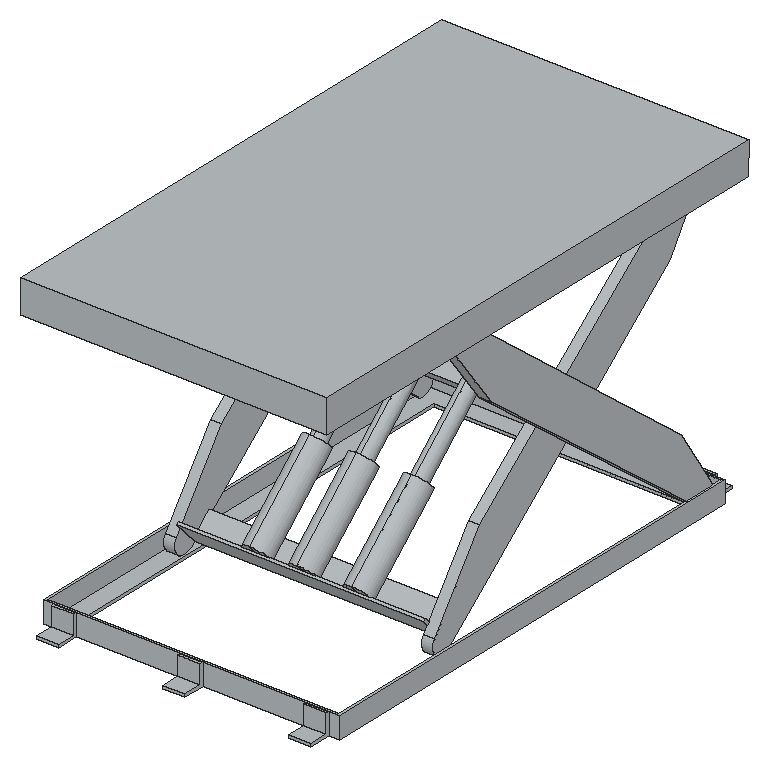
Revit family "DockEquipment_LiftTable_Pentalift_10L", category Specialty Equipment, Revit 2026
Family settings
  Round Connector Dimension = Use Diameter
  Part Type = Normal
  Work Plane-Based = Yes
  Enable Cutting in Views = No
  Always vertical = No
  Cut with Voids When Loaded = No
  Maintain Annotation Orientation = No
  Shared = No
  Room Calculation Point = No
Parameters
  offset [instance] = 0' - 0"
  Warranty Duration (Years) = 0
  Unit Width = 2' - 4"
  Unit Length = 4' - 0"
  URL = "http://www.pentalift.com/index.php"
  Specification = ""
  SpecWizard = ""
  Send Message = "http://www.arcat.com/users.pl?action=UserEmail&company=Pentalift Equipment Corp.&coid=34752&rep=119&fax=519-763-2894&mf="
  Sales Information = "http://www.pentalift.com/about-us.htm"
  Revision = "R1_01-2012"
  Product Properties = ""
  Product Data = "http://www.arcat.com/arcatcos/cos34/arc34752.html"
  Platform Width [instance] = 2' - 4"
  Platform Length [instance] = 4' - 0"
  Platform Height [instance] = 2' - 5"
  Model = "As Specified"
  Material [instance] = Metal - Steel - Pentalift - Painted - Gray
  Manufacturer Website = "http://www.pentalift.com/index.php"
  Manufacturer Phone - Toll Free = ""
  Manufacturer Phone = "519-763-3625 "
  Manufacturer Fax = "519-763-2894"
  Manufacturer Address = "21 Nicholas Beaver Rd. Guelph, ON, Canada N1H 6H9 "
  Manufacturer = "Pentalift Equipment Corp."
  Maintenance Schedule (Months) = 0
  Keynote = "11160"
  Installation-Fabrication = ""
  Installation Phase = ""
  Green Building-LEED = ""
  Expected Lifespan (Years) = 0
  Drawn By = "Sumex Design, Inc. / Robert S. Weygant, CSI, CDT, SCIP"
  Description = "Pentalift Dock Equipment as Specified"
  Default Elevation = 4' - 0"
  Copyright = "©Arcat Inc."
  Construction Details = "http://www.arcat.com/details/pentalif/pentalif.html?coid=34752"
  Capacity (Weight) = 0.00 kip
  Assembly Code = "E1030300"
Reference planes (in)
  plane 1 "Center (Front/Back)": y = 0
  plane 2 "Bottom": z = 0
  plane 3 "Center (Left/Right)": x = 0
  plane 4 "Front": y = -24
  plane 5 "Back": y = 24
  plane 6 "Left": x = -14
  plane 7 "Right": x = 14
  plane 8 "Top": z = 29
  plane 9: x = -13.5
  plane 10: x = 13.5
  plane 11: y = 22
  plane 12: y = -22
  plane 13: z = 1.75
  plane 14: z = 26
  plane 15: x = 4
  plane 16: z = 3
  plane 17: x = -14
  plane 18: x = 14
  plane 19: y = 24
  plane 20: y = -24
Forms (in)
  Extrusion 1, solid, material "Metal - Steel - Pentalift - Painted - Gray" <- "Material"
    sketch origin (-43.59721, -180, 29) x (-1, 0, 0) y (0, -1, 0)
      loop
        line (-29.59721, -204) -> (-29.59721, -156) -> (-57.59721, -156) -> (-57.59721, -204) -> (-29.59721, -204)
    from 0 to -3
  Sweep 2, solid, material "Metal - Steel - Pentalift - Painted - Gray" <- "Material"
    path origin (0, 0, 0) x (1, 0, 0) y (0, 1, 0)
      loop
        line (-13.5, 22) -> (-13.5, -22) -> (13.5, -22) -> (13.5, 22) -> (-13.5, 22)
    profile origin (0, 22, 0) x (0, 1, 0) y (0, 0, 1)
      loop
        line (-0.25, 2) -> (-0.25, 0.25) -> (-2, 0.25) -> (-2, 0) -> (0, 0) -> (0, 2) -> (-0.25, 2)
  Extrusion 3, solid, material "Metal - Steel - Pentalift - Painted - Gray" <- "Material"
    sketch origin (0, 0, 0) x (0, 1, 0) y (0, 0, 1)
      loop
        line (22, 2) -> (22, 0) -> (24, 0) -> (24, 0.25) -> (22.25, 0.25) -> (22.25, 2) -> (22, 2)
      loop
        line (-22, 2) -> (-22.25, 2) -> (-22.25, 0.25) -> (-24, 0.25) -> (-24, 0) -> (-22, 0) -> (-22, 2)
    from -1 to 1
  Extrusion 4, solid, material "Metal - Steel - Pentalift - Painted - Gray" <- "Material"
    sketch origin (-13.5, 55.3623, 48) x (0, 1, 0) y (0, 0, 1)
      loop
        line (-33.3623, -46) -> (-33.3623, -48) -> (-31.3623, -48) -> (-31.3623, -47.75) -> (-33.1123, -47.75) -> (-33.1123, -46) -> (-33.3623, -46)
      loop
        line (-77.3623, -46) -> (-77.6123, -46) -> (-77.6123, -47.75) -> (-79.3623, -47.75) -> (-79.3623, -48) -> (-77.3623, -48) -> (-77.3623, -46)
    from 3 to 1
  Extrusion 5, solid, material "Metal - Steel - Pentalift - Painted - Gray" <- "Material"
    sketch origin (13.5, -56.16774, 48) x (0, -1, 0) y (0, 0, 1)
      loop
        line (-78.16774, -46) -> (-78.41774, -46) -> (-78.41774, -47.75) -> (-80.16774, -47.75) -> (-80.16774, -48) -> (-78.16774, -48) -> (-78.16774, -46)
      loop
        line (-34.16774, -46) -> (-34.16774, -48) -> (-32.16774, -48) -> (-32.16774, -47.75) -> (-33.91774, -47.75) -> (-33.91774, -46) -> (-34.16774, -46)
    from 3 to 1
Dimensions and locks (in)
  equal spacing: plane 6 "Left", plane 3 "Center (Left/Right)", plane 7 "Right"
  "Unit Width": plane 6 "Left" to plane 7 "Right"
  equal spacing: plane 5 "Back", plane 1 "Center (Front/Back)", plane 4 "Front"
  "Unit Length": plane 5 "Back" to plane 4 "Front"
  "Platform Height": plane 8 "Top" to level
  locked: plane 10 to plane 7 "Right" at 0.5
  locked: plane 6 "Left" to plane 9 at 0.5
  locked: plane 12 to plane 4 "Front" at 2
  plane 5 "Back" to plane 11 = 0' - 2"
  locked: plane 13 to level at 1.75
  locked: plane 8 "Top" to plane 14 at 3
  locked: plane 6 "Left" to plane 15 at 18
  equal spacing: plane 20, plane 1 "Center (Front/Back)", plane 19
  equal spacing: plane 17, plane 3 "Center (Left/Right)", plane 18
  "Platform Width": plane 17 to plane 18
  "Platform Length": plane 19 to plane 20
  aligned and locked: plane 14 to Extrusion 1
  aligned and locked: plane 1 "Center (Front/Back)" to nested 1
  aligned and locked: plane 3 "Center (Left/Right)" to nested 1
Automatic sketch dimensions
  Sweep 2 sketch curve to plane 9 = 0' - 0"
  Sweep 2 sketch curve to plane 10 = 0' - 0"
  Sweep 2 sketch curve to plane 12 = 0' - 0"
  Sweep 2 sketch curve to plane 11 = 0' - 0"
  Sweep 2 sketch curve to level = 0' - 0"
  Sweep 2 sketch curve to profile plane = 0' - 0"
  Sweep 2 sketch curve to Sweep 2 sketch curve = 0' - 0 1/4"
  Sweep 2 sketch curve to Sweep 2 sketch curve = 0' - 1 3/4"  (x2)
  level to Sweep 2 sketch curve = 0' - 0 1/4"
  Extrusion 1 sketch curve to plane 18 = 0' - 0"
  Extrusion 1 sketch curve to plane 17 = 0' - 0"
  Extrusion 1 sketch curve to plane 19 = 0' - 0"
  Extrusion 1 sketch curve to plane 20 = 0' - 0"
  Extrusion 4 sketch curve to plane 4 "Front" = 0' - 0"
  Extrusion 4 sketch curve to plane 12 = 0' - 0"
  Extrusion 4 sketch curve to plane 11 = 0' - 0"
  Extrusion 4 sketch curve to plane 5 "Back" = 0' - 0"
  Extrusion 4 sketch curve to level = 0' - 0"  (x2)
  Extrusion 4 sketch curve to plane 12 = 0' - 0 1/4"
  plane 11 to Extrusion 4 sketch curve = 0' - 0 1/4"
  level to Extrusion 4 sketch curve = 0' - 0 1/4"  (x2)
  plane 13 to Extrusion 4 sketch curve = 0' - 0 1/4"  (x2)
  Extrusion 5 sketch curve to plane 5 "Back" = 0' - 0"
  Extrusion 5 sketch curve to level = 0' - 0"  (x2)
  Extrusion 5 sketch curve to plane 11 = 0' - 0"
  Extrusion 5 sketch curve to plane 12 = 0' - 0"
  Extrusion 5 sketch curve to plane 4 "Front" = 0' - 0"
  plane 11 to Extrusion 5 sketch curve = 0' - 0 1/4"
  Extrusion 5 sketch curve to plane 12 = 0' - 0 1/4"
  level to Extrusion 5 sketch curve = 0' - 0 1/4"  (x2)
  plane 13 to Extrusion 5 sketch curve = 0' - 0 1/4"  (x2)
  Extrusion 3 sketch curve to plane 4 "Front" = 0' - 0"
  Extrusion 3 sketch curve to plane 12 = 0' - 0"
  Extrusion 3 sketch curve to plane 11 = 0' - 0"
  Extrusion 3 sketch curve to plane 5 "Back" = 0' - 0"
  Extrusion 3 sketch curve to level = 0' - 0"  (x2)
  Extrusion 3 sketch curve to plane 12 = 0' - 0 1/4"
  plane 11 to Extrusion 3 sketch curve = 0' - 0 1/4"
  level to Extrusion 3 sketch curve = 0' - 0 1/4"  (x2)
  plane 13 to Extrusion 3 sketch curve = 0' - 0 1/4"  (x2)
Nested families (in)
  nested 1: "Scisor_10L" at (0, 0, 0), Material <- "Material", Unit Width <- "Unit Width", Unit Length <- "Unit Length", Platform Height <- "Platform Height", type "Scisor_10L"
    with offset 0' - 0", ll/2 1' - 7.2", lFull 3' - 1.632", Unit Width 2' - 4", Unit Length 4' - 0", Support Angle 42.1113°, Platform Height 2' - 5", Material Metal - Steel - Pentalift - Painted - Gray, Leg Length 3' - 2.4"
Definition of nested family "Scisor_10L"
  Parameters
    offset [instance] = 0' - 0"
    ll/2 [instance] = Leg Length / 2  # 2' - 4.8"
    lFull [instance] = Leg Length * 0.98  # 4' - 8.448"
    Warranty Duration (Years) = 0
    Unit Width [instance] = 2' - 0"
    Unit Length [instance] = 6' - 0"
    Unit Height = 3' - 6"
    URL = "http://www.pentalift.com/index.php"
    Support Angle [instance] = asin((Platform Height - 0' 3 1/4") / Leg Length)  # 50.9785°
    Specification = ""
    SpecWizard = ""
    Send Message = "http://www.arcat.com/users.pl?action=UserEmail&company=Pentalift Equipment Corp.&coid=34752&rep=119&fax=519-763-2894&mf="
    Sales Information = "http://www.pentalift.com/about-us.htm"
    Revision = "R1_01-2012"
    Product Properties = ""
    Product Data = "http://www.arcat.com/arcatcos/cos34/arc34752.html"
    Platform Height [instance] = 4' - 0"
    Model = "As Specified"
    Material [instance] = none
    Manufacturer Website = "http://www.pentalift.com/index.php"
    Manufacturer Phone - Toll Free = ""
    Manufacturer Phone = "519-763-3625 "
    Manufacturer Fax = "519-763-2894"
    Manufacturer Address = "21 Nicholas Beaver Rd. Guelph, ON, Canada N1H 6H9 "
    Manufacturer = "Pentalift Equipment Corp."
    Maintenance Schedule (Months) = 0
    Leg Length [instance] = Unit Length * 0.8  # 4' - 9.6"
    Keynote = "11160"
    Installation-Fabrication = ""
    Installation Phase = ""
    Green Building-LEED = ""
    Expected Lifespan (Years) = 0
    Drawn By = "Sumex Design, Inc. / Robert S. Weygant, CSI, CDT, SCIP"
    Description = "Pentalift Dock Equipment as Specified"
    Default Elevation = 4' - 0"
    Copyright = "©Arcat Inc."
    Construction Details = "http://www.arcat.com/details/pentalif/pentalif.html?coid=34752"
    Capacity (Weight) = 0.00 kip
    Assembly Code = "E1030300"
  Reference planes (in)
    plane 1 "Center (Front/Back)": y = 0
    plane 2 "Bottom": z = 0
    plane 3 "Center (Left/Right)": x = 0
    plane 4 "Front": y = -36
    plane 5 "Back": y = 36
    plane 6 "Left": x = -12
    plane 7 "Right": x = 12
    plane 8 "Top": z = 48
    plane 9: x = -11.25
    plane 10: x = 11.25
    plane 11: y = 33.5
    plane 12: y = -32.25
    plane 13: z = 1.75
    plane 14: y = 31.75
    plane 15: z = 46.5
  Forms (in)
    Extrusion 1, solid, material <- "Material"
      sketch origin (0, 32.49968, 46.52207) x (0, -0.629612, -0.77691) y (0, 0.77691, -0.629612)
        loop
          line (57.18715, 0.43147) -> (54.68715, 0.43147) -> (54.68715, 0.18147) -> (56.93715, 0.18147) -> (56.93715, -2.35058) -> (57.18715, -2.35058) -> (57.18715, 0.43147)
      from -9.25 to 9.25
    Extrusion 2, solid, material <- "Material"
      sketch origin (0, 32.37827, 3.98471) x (0, -0.629612, 0.77691) y (0, -0.77691, -0.629612)
        loop
          line (24.9594, 0.64511) -> (27.4594, 0.64511) -> (27.4594, 3.14511) -> (24.9594, 3.14511) -> (24.9594, 0.64511)
      from -9.25 to 9.25
    Revolve 3, solid, material <- "Material"
      sketch origin (0, 28.75545, 41.20389) x (0, -0.629612, -0.77691) y (0, 0.77691, -0.629612)
        loop
          line (22.8, -2.508) -> (50.448, -2.508) -> (50.448, -1.30043) -> (36.624, -1.30043) -> (36.624, -1.80043) -> (22.8, -1.80043) -> (22.8, -2.508)
        axis (22.8, -2.508) -> (50.448, -2.508)
      angle from 0 to 360
    Revolve 4, solid, material <- "Material"
      sketch origin (-4.25, 31.75, 46.5) x (0, -0.629612, -0.77691) y (0, -0.77691, 0.629612)
        loop
          line (28.8, 1.5) -> (28.8, 0.79243) -> (42.624, 0.79243) -> (42.624, 0.29243) -> (56.448, 0.29243) -> (56.448, 1.5) -> (28.8, 1.5)
        axis (28.8, 1.5) -> (56.448, 1.5)
      angle from 0 to 360
    Revolve 5, solid, material <- "Material"
      sketch origin (5, 31.75, 46.5) x (0, -0.629612, -0.77691) y (0, -0.77691, 0.629612)
        loop
          line (28.8, 1.5) -> (28.8, 0.79243) -> (42.624, 0.79243) -> (42.624, 0.29243) -> (56.448, 0.29243) -> (56.448, 1.5) -> (28.8, 1.5)
        axis (28.8, 1.5) -> (56.448, 1.5)
      angle from 0 to 360
  Lines and regions (in)
    reference lines
      curve 1: line (0, 31.75, 46.5) -> (0, -26.1743, -24.97569)
      curve 2: line (0, 31.75, 1.75) -> (0, -32.47043, 80.99479)
      curve 3: line (5, 31.75, 46.5) -> (5, 4.04707, 12.31597)
      curve 4: line (-4.25, 31.75, 46.5) -> (-4.25, 4.04707, 12.31597)
  Dimensions and locks (in)
    equal spacing: plane 6 "Left", plane 3 "Center (Left/Right)", plane 7 "Right"
    "Unit Width": plane 6 "Left" to plane 7 "Right"
    equal spacing: plane 5 "Back", plane 1 "Center (Front/Back)", plane 4 "Front"
    "Unit Length": plane 5 "Back" to plane 4 "Front"
    "Platform Height": plane 8 "Top" to level
    locked: plane 10 to plane 7 "Right" at 0.75
    locked: plane 6 "Left" to plane 9 at 0.75
    locked: plane 12 to plane 4 "Front" at 3.75
    locked: plane 5 "Back" to plane 11 at 2.5
    locked: plane 13 to level at 1.75
    locked: plane 11 to plane 14 at 1.75
    locked: plane 8 "Top" to plane 15 at 1.5
    locked: plane 10 to Extrusion 1 at 2
    locked: plane 9 to Extrusion 1 at 2
    locked: plane 9 to Extrusion 2 at 2
    locked: plane 10 to Extrusion 2 at 2
    locked: nested 1 to plane 9 at 1
    locked: nested 2 to plane 10 at 1
    locked: Extrusion 2 sketch curve to Extrusion 2 sketch curve at 2.5
    "ll/2": Extrusion 2 sketch curve to curve 2
    "ll/2": Revolve 3 sketch curve to curve 1
    "lFull": Revolve 3 sketch curve to curve 1
    equal spacing: Revolve 3 sketch curve, Revolve 3 sketch curve, Revolve 3 sketch curve
    Extrusion 1 sketch curve to Extrusion 1 sketch curve to Extrusion 1 sketch curve = 0' - 2 1/4" locked, 0' - 0 1/4" locked
    "lFull": Extrusion 1 sketch curve to curve 1
    locked: plane 7 "Right" to curve 3 at 7
    locked: plane 9 to curve 4 at 7
    equal spacing: Revolve 4 sketch curve, Revolve 4 sketch curve, Revolve 4 sketch curve
    equal spacing: Revolve 5 sketch curve, Revolve 5 sketch curve, Revolve 5 sketch curve
    "lFull": curve 4 to Revolve 5 sketch curve
    "ll/2": Revolve 5 sketch curve to curve 4
    "lFull": curve 4 to Revolve 4 sketch curve
    "ll/2": Revolve 4 sketch curve to curve 4
    "Support Angle": angle curve 1 to plane 15
    "Support Angle": angle plane 13 to curve 2
    aligned and locked: plane 9 to nested 3
    aligned and locked: plane 10 to nested 4
  Automatic sketch dimensions
    curve 2 to plane 13 = 0' - 0"
    curve 2 to plane 14 = 0' - 0"
    curve 1 to plane 14 = 0' - 0"
    curve 1 to plane 15 = 0' - 0"
    curve 1 to Extrusion 1 sketch curve = 0' - 1.78204"
    Extrusion 1 sketch curve to curve 1 = 0' - 0 3/4"
    Extrusion 1 sketch curve to Extrusion 1 sketch curve = 0' - 0 1/4"
    curve 2 to Extrusion 2 sketch curve = 0' - 1 1/4"
    Extrusion 2 sketch curve to curve 2 = 0' - 1 1/4"
    curve 1 to Revolve 3 sketch curve = 0' - 1 1/2"
    Revolve 3 sketch curve to Revolve 3 sketch curve = 0' - 4.76149"
    Revolve 3 sketch curve to Revolve 3 sketch curve = 0' - 0.50049"
    Revolve 3 sketch curve to Revolve 3 sketch curve = 0' - 0"
    Revolve 3 sketch curve to Revolve 3 sketch curve = 0' - 0.70757"
    curve 1 to Revolve 3 sketch curve = 0' - 0.29243"
    curve 4 to curve 1 = 0' - 0"
    curve 3 to curve 1 = 0' - 0"
    curve 4 to curve 1 = 0' - 4 1/4"
    curve 1 to curve 3 = 0' - 5"
    curve 1 to curve 4 = 3' - 8"
    curve 3 to curve 4 = 0' - 0"
    Revolve 4 sketch curve to curve 4 = 0' - 0.79243"
    Revolve 4 sketch curve to curve 4 = 0' - 1 1/2"
    Revolve 4 sketch curve to Revolve 4 sketch curve = 0' - 4.76149"
    Revolve 4 sketch curve to curve 4 = 0' - 0.29243"
    Revolve 4 sketch curve to Revolve 4 sketch curve = 0' - 0.50049"
    Revolve 4 sketch curve to Revolve 4 sketch curve = 0' - 0"
    Revolve 5 sketch curve to curve 3 = 0' - 0.79243"
    Revolve 5 sketch curve to curve 3 = 0' - 1 1/2"
    Revolve 5 sketch curve to Revolve 5 sketch curve = 0' - 4.76149"
    Revolve 5 sketch curve to curve 3 = 0' - 0.29243"
    Revolve 5 sketch curve to Revolve 5 sketch curve = 0' - 0.50049"
    Revolve 5 sketch curve to Revolve 5 sketch curve = 0' - 0"
  Nested families (in)
    nested 1: "Leg_Pro" at (-10.25, 31.75, 46.5) x (0, -0.6296, -0.7769) z (1, 0, 0), Material <- "Material", Length <- "Leg Length", type "Leg_Pro"
      with Material none, Length 4' - 9.6"
    nested 2: "Leg_Pro" at (9.25, 31.75, 46.5) x (0, -0.6296, -0.7769) z (1, 0, 0), Material <- "Material", Length <- "Leg Length", type "Leg_Pro"
      with Material none, Length 4' - 9.6"
    nested 3: "Leg_Pro" at (-11.25, 31.75, 1.75) x (0, -0.6296, 0.7769) z (1, 0, 0), Material <- "Material", Length <- "Leg Length", type "Leg_Pro"
      with Material none, Length 4' - 9.6"
    nested 4: "Leg_Pro" at (10.25, 31.75, 1.75) x (0, -0.6296, 0.7769) z (1, 0, 0), Material <- "Material", Length <- "Leg Length", type "Leg_Pro"
      with Material none, Length 4' - 9.6"
  Definition of nested family "Leg_Pro"
    Parameters
      Material [instance] = none
      Length [instance] = 4' - 0"
      Depth = 0' - 1"
      Default Elevation = 4' - 0"
    Reference planes (in)
      plane 1 "Center (Front/Back)": y = 0
      plane 2: z = 0
      plane 3 "Center (Left/Right)": x = 0
      plane 4: x = 48
      plane 5: x = 39.67703
      plane 6: x = 5.79364
    Forms (in)
      Extrusion 1, solid, material <- "Material"
        sketch origin (0, 0, 0) x (1, 0, 0) y (0, 1, 0)
          loop
            line (48.04166, 1.0743) -> (5.79364, 2.69657) -> (-0.28001, 1.00595)
            arc (-0.28001, 1.00595) -> (-1.03752, -0.11787) -> (-0.04722, -1.04313) r 1.0442
            line (-0.04722, -1.04313) -> (39.67703, -2.82273) -> (48.21816, -1.05274)
            arc (48.21816, -1.05274) -> (49.07143, 0.08891) -> (48.04166, 1.0743) r 1.07511
        from 0 to 1
    Dimensions and locks (in)
      locked: plane 3 "Center (Left/Right)" to plane 6 at 5.79364
      locked: plane 5 to plane 4 at 8.32297
      "Length": plane 3 "Center (Left/Right)" to plane 4
      "Depth": Extrusion 1 to level
    Automatic sketch dimensions
      Extrusion 1 sketch curve to plane 1 "Center (Front/Back)" = 0' - 0"  (x2)
      Extrusion 1 sketch curve to plane 3 "Center (Left/Right)" = 0' - 0"
      Extrusion 1 sketch curve to plane 6 = 0' - 0"
      Extrusion 1 sketch curve to plane 5 = 0' - 0"
      Extrusion 1 sketch curve to plane 4 = 0' - 0"
      Extrusion 1 sketch curve to plane 3 "Center (Left/Right)" = 0' - 0.04722"
      Extrusion 1 sketch curve to plane 3 "Center (Left/Right)" = 0' - 0.28001"
      plane 4 to Extrusion 1 sketch curve = 0' - 0.04166"
      plane 4 to Extrusion 1 sketch curve = 0' - 0.21816"
      plane 1 "Center (Front/Back)" to Extrusion 1 sketch curve = 0' - 1.04313"
      plane 1 "Center (Front/Back)" to Extrusion 1 sketch curve = 0' - 1.05274"
      plane 1 "Center (Front/Back)" to Extrusion 1 sketch curve = 0' - 2.82273"
      Extrusion 1 sketch curve to plane 1 "Center (Front/Back)" = 0' - 2.69657"
